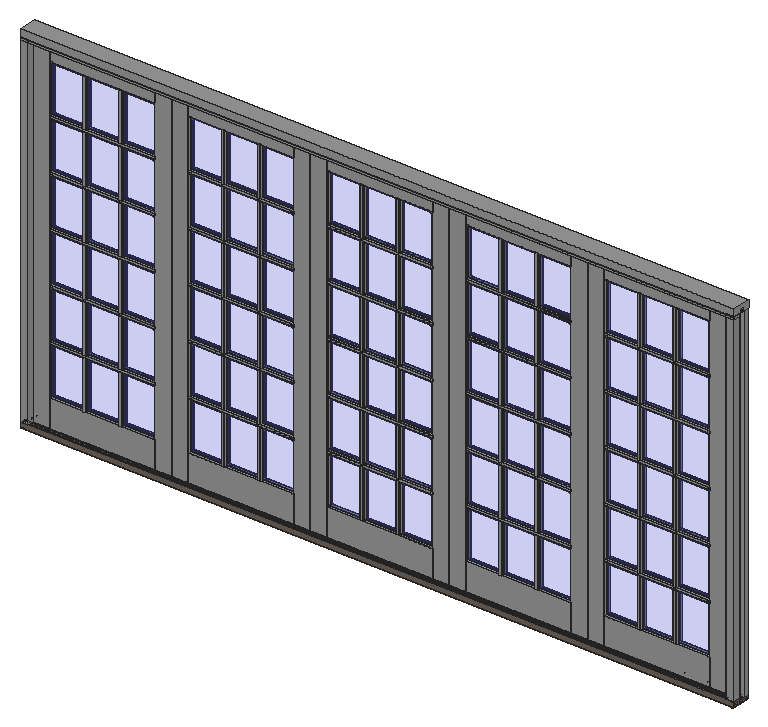
Revit family "VSFA 4190 SP RH", category Doors, host Wall, Revit 2015
Parameters (values of type "VSFA 4190 SP RH")
  Function = Interior
  Frame Projection Ext. = 25 mm
  Frame Projection Int. = 25 mm
  Frame Width = 75 mm
  Height = 2100 mm
  Wall Closure = By host
  Width = 4190 mm
Reference planes
  plane 1: y = 0
  plane 2 "Center (Left/Right)": x = 0
  plane 3 "Left": x = -2095
  plane 4 "Right": x = 2095
  plane 5: z = 2100
  plane 6 "Exterior": y = 75
  plane 7 "Interior": y = -75
  plane 8: x = 1206
  plane 9: x = -1236
  plane 10: x = 1205
  plane 11: x = 391
  plane 12: x = -422
  plane 13: x = 392
  plane 14: x = -423
  plane 15: x = -1237
Forms (mm)
  Extrusion 1, solid, material "Aluminium Cill (Bronze)"
    sketch origin (0, 79.18, -119.746) x (0, 1, 0) y (0, 0, -1)
      loop
        arc (-26.68, -120.746) -> (-26.972, -120.039) -> (-27.68, -119.746) r 1
        line (-27.68, -119.746) -> (-130.68, -119.746)
        arc (-130.68, -119.746) -> (-131.387, -120.039) -> (-131.68, -120.746) r 1
        line (-131.68, -120.746) -> (-131.68, -150.746)
        arc (-131.68, -150.746) -> (-131.387, -151.453) -> (-130.68, -151.746) r 1
        line (-130.68, -151.746) -> (-120.912, -151.746)
        arc (-120.912, -151.746) -> (-119.18, -150.746) -> (-117.447, -151.746) r 2
        line (-117.447, -151.746) -> (-112.912, -151.746)
        arc (-112.912, -151.746) -> (-111.18, -150.746) -> (-109.447, -151.746) r 2
        line (-109.447, -151.746) -> (-99.68, -151.746)
        arc (-99.68, -151.746) -> (-98.972, -151.453) -> (-98.68, -150.746) r 1
        line (-98.68, -150.746) -> (-98.68, -149.246)
        arc (-98.68, -149.246) -> (-99.18, -148.746) -> (-99.68, -149.246) r 0.5
        line (-99.68, -149.246) -> (-99.68, -150.246) -> (-100.88, -150.246) -> (-100.88, -142.734) -> (-99.68, -142.734) -> (-99.68, -143.746)
        arc (-99.68, -143.746) -> (-99.18, -144.246) -> (-98.68, -143.746) r 0.5
        line (-98.68, -143.746) -> (-98.68, -138.746) -> (-90.432, -138.746) -> (-82.18, -138.746) -> (-82.18, -135.246)
        arc (-82.18, -135.246) -> (-81.74, -134.185) -> (-80.68, -133.746) r 1.5
        line (-80.68, -133.746) -> (-75.93, -133.746) -> (-75.93, -135.746) -> (-77.363, -135.746)
        arc (-77.363, -135.746) -> (-74.68, -138.746) -> (-71.996, -135.746) r 2.7
        line (-71.996, -135.746) -> (-73.43, -135.746) -> (-73.43, -133.746) -> (-68.68, -133.746)
        arc (-68.68, -133.746) -> (-67.619, -134.185) -> (-67.18, -135.246) r 1.5
        line (-67.18, -135.246) -> (-67.18, -138.746) -> (-60.412, -138.746)
        arc (-60.412, -138.746) -> (-58.68, -137.746) -> (-56.947, -138.746) r 2
        line (-56.947, -138.746) -> (-52.412, -138.746)
        arc (-52.412, -138.746) -> (-50.68, -137.746) -> (-48.947, -138.746) r 2
        line (-48.947, -138.746) -> (-44.412, -138.746)
        arc (-44.412, -138.746) -> (-42.68, -137.746) -> (-40.947, -138.746) r 2
        line (-40.947, -138.746) -> (-29.68, -138.746)
        arc (-29.68, -138.746) -> (-27.558, -137.867) -> (-26.68, -135.746) r 3
        line (-26.68, -135.746) -> (-26.68, -120.746)
      loop
        arc (-29.68, -137.246) -> (-28.619, -136.807) -> (-28.18, -135.746) r 1.5
        line (-28.18, -135.746) -> (-28.18, -121.246) -> (-73.93, -121.246) -> (-73.93, -132.246) -> (-68.68, -132.246)
        arc (-68.68, -132.246) -> (-66.558, -133.125) -> (-65.68, -135.246) r 3
        line (-65.68, -135.246) -> (-65.68, -137.246) -> (-61.129, -137.246)
        arc (-61.129, -137.246) -> (-58.68, -136.246) -> (-56.23, -137.246) r 3.5
        line (-56.23, -137.246) -> (-53.129, -137.246)
        arc (-53.129, -137.246) -> (-50.68, -136.246) -> (-48.23, -137.246) r 3.5
        line (-48.23, -137.246) -> (-45.129, -137.246)
        arc (-45.129, -137.246) -> (-42.68, -136.246) -> (-40.23, -137.246) r 3.5
        line (-40.23, -137.246) -> (-29.68, -137.246)
      loop
        line (-75.43, -132.246) -> (-75.43, -121.246) -> (-98.68, -121.246) -> (-98.68, -137.246) -> (-83.68, -137.246) -> (-83.68, -135.246)
        arc (-83.68, -135.246) -> (-82.801, -133.125) -> (-80.68, -132.246) r 3
        line (-80.68, -132.246) -> (-75.43, -132.246)
      loop
        line (-100.18, -121.246) -> (-130.18, -121.246) -> (-130.18, -150.246) -> (-121.629, -150.246)
        arc (-121.629, -150.246) -> (-119.18, -149.246) -> (-116.73, -150.246) r 3.5
        line (-116.73, -150.246) -> (-113.629, -150.246)
        arc (-113.629, -150.246) -> (-111.18, -149.246) -> (-108.73, -150.246) r 3.5
        line (-108.73, -150.246) -> (-102.38, -150.246) -> (-102.38, -141.246) -> (-100.18, -141.246) -> (-100.18, -121.246)
    from -2095 to 2095
  Extrusion 2, solid, material "Lauan, Meranti"
    sketch origin (-122.148, 0, 0) x (0, 1, 0) y (0, 0, 1)
      loop
        line (52.5, 2100) -> (-52.5, 2100) -> (-52.5, 2055) -> (-6.5, 2055) -> (-6.5, 2075) -> (15.5, 2075) -> (15.5, 2055) -> (52.5, 2055) -> (52.5, 2100)
    from -1972.852 to 2217.148
  Extrusion 3, solid, material "Lauan, Meranti"
    sketch origin (2.986, 0, 0) x (0, 1, 0) y (0, 0, 1)
      loop
        line (-52.5, 2052) -> (-52.5, 2042) -> (-20.5, 2042) -> (-20.5, 2045.5) -> (-27.5, 2045.5) -> (-27.5, 2048.5) -> (-20.5, 2048.5) -> (-20.5, 2055) -> (-49.5, 2055) -> (-49.5, 2052) -> (-52.5, 2052)
    from -2097.986 to 2092.014
  Extrusion 4, solid, material "Steel, Chrome Plated"
    sketch origin (129.456, -1.5, 0) x (0, 1, 0) y (0, 0, -1)
      loop
        line (16.5, -2075) -> (16.5, -2055) -> (14.3, -2055) -> (14.3, -2072.8) -> (-2.3, -2072.8) -> (-2.3, -2055) -> (-4.5, -2055) -> (-4.5, -2075) -> (16.5, -2075)
    from -1965.544 to 2224.456
  Extrusion 5, solid, material "Lauan, Meranti"
    sketch origin (-1430, 0, 0) x (1, 0, 0) y (0, 1, 0)
      loop
        line (-665, 52.5) -> (-665, -52.5) -> (-620, -52.5) -> (-620, 24.5) -> (-632, 24.5) -> (-632, 52.5) -> (-665, 52.5)
    from 32 to 2055
  Extrusion 6, solid, material "Lauan, Meranti"
    sketch origin (-1430, 0, 0) x (1, 0, 0) y (0, 1, 0)
      loop
        line (-665, 52.5) -> (-665, -19.5) -> (-620, -19.5) -> (-620, 24.5) -> (-632, 24.5) -> (-632, 52.5) -> (-665, 52.5)
    from 19 to 32
  Extrusion 7, solid, material "Lauan, Meranti"
    sketch origin (1430, 0, 0) x (1, 0, 0) y (0, 1, 0)
      loop
        line (665, -52.5) -> (665, -16.5) -> (620, -16.5) -> (620, -52.5) -> (665, -52.5)
      loop
        line (665, 52.5) -> (620, 52.5) -> (620, 25.5) -> (665, 25.5) -> (665, 52.5)
      loop
        line (590, 24.5) -> (590, -15.5) -> (635, -15.5) -> (635, -5.5) -> (610, -5.5) -> (610, 14.5) -> (635, 14.5) -> (635, 24.5) -> (590, 24.5)
    from 32 to 2055
  Extrusion 8, solid, material "Lauan, Meranti"
    sketch origin (1430, 0, 0) x (1, 0, 0) y (0, 1, 0)
      loop
        line (620, 52.5) -> (620, 25.5) -> (665, 25.5) -> (665, 52.5) -> (620, 52.5)
      loop
        line (635, 24.5) -> (590, 24.5) -> (590, -15.5) -> (635, -15.5) -> (635, -5.5) -> (610, -5.5) -> (610, 14.5) -> (635, 14.5) -> (635, 24.5)
    from 19 to 32
  Extrusion 9, solid, material "Lauan, Meranti"
    sketch origin (711, 0, 0) x (1, 0, 0) y (0, 1, 0)
      loop
        line (-1133, -15.5) -> (-1037, -15.5) -> (-1037, -13.5)
        arc (-1037, -13.5) -> (-1032.265, -11.94) -> (-1030, -7.5) r 6.549
        line (-1030, -7.5) -> (-1028, -7.5) -> (-1028, -5.5) -> (-1037, -5.5) -> (-1037, 24.5) -> (-1133, 24.5) -> (-1133, -15.5)
      loop
        line (-320, -15.5) -> (-320, 24.5) -> (-416, 24.5) -> (-416, -5.5) -> (-425, -5.5) -> (-425, -7.5) -> (-423, -7.5)
        arc (-423, -7.5) -> (-420.735, -11.94) -> (-416, -13.5) r 6.549
        line (-416, -13.5) -> (-416, -15.5) -> (-320, -15.5)
    from 19 to 2055
  Extrusion 10, solid, material "Lauan, Meranti"
    sketch origin (-103, 0, 0) x (1, 0, 0) y (0, 1, 0)
      loop
        line (-1133, -15.5) -> (-1037, -15.5) -> (-1037, -13.5)
        arc (-1037, -13.5) -> (-1032.265, -11.94) -> (-1030, -7.5) r 6.549
        line (-1030, -7.5) -> (-1028, -7.5) -> (-1028, -5.5) -> (-1037, -5.5) -> (-1037, 24.5) -> (-1133, 24.5) -> (-1133, -15.5)
      loop
        line (-320, -15.5) -> (-320, 24.5) -> (-416, 24.5) -> (-416, -5.5) -> (-425, -5.5) -> (-425, -7.5) -> (-423, -7.5)
        arc (-423, -7.5) -> (-420.735, -11.94) -> (-416, -13.5) r 6.549
        line (-416, -13.5) -> (-416, -15.5) -> (-320, -15.5)
    from 19 to 2055
  Extrusion 11, solid, material "Lauan, Meranti"
    sketch origin (1525, 0, 0) x (1, 0, 0) y (0, 1, 0)
      loop
        line (-1133, -15.5) -> (-1037, -15.5) -> (-1037, -13.5)
        arc (-1037, -13.5) -> (-1032.265, -11.94) -> (-1030, -7.5) r 6.549
        line (-1030, -7.5) -> (-1028, -7.5) -> (-1028, -5.5) -> (-1037, -5.5) -> (-1037, 24.5) -> (-1133, 24.5) -> (-1133, -15.5)
      loop
        line (-320, -15.5) -> (-320, 24.5) -> (-416, 24.5) -> (-416, -5.5) -> (-425, -5.5) -> (-425, -7.5) -> (-423, -7.5)
        arc (-423, -7.5) -> (-420.735, -11.94) -> (-416, -13.5) r 6.549
        line (-416, -13.5) -> (-416, -15.5) -> (-320, -15.5)
    from 19 to 2055
  Extrusion 12, solid, material "Lauan, Meranti"
    sketch origin (2339, 0, 0) x (1, 0, 0) y (0, 1, 0)
      loop
        line (-1133, -15.5) -> (-1037, -15.5) -> (-1037, -13.5)
        arc (-1037, -13.5) -> (-1032.265, -11.94) -> (-1030, -7.5) r 6.549
        line (-1030, -7.5) -> (-1028, -7.5) -> (-1028, -5.5) -> (-1037, -5.5) -> (-1037, 24.5) -> (-1133, 24.5) -> (-1133, -15.5)
      loop
        line (-320, -15.5) -> (-320, 24.5) -> (-416, 24.5) -> (-416, -5.5) -> (-425, -5.5) -> (-425, -7.5) -> (-423, -7.5)
        arc (-423, -7.5) -> (-420.735, -11.94) -> (-416, -13.5) r 6.549
        line (-416, -13.5) -> (-416, -15.5) -> (-320, -15.5)
    from 19 to 2055
  Extrusion 13, solid, material "Lauan, Meranti"
    sketch origin (-917, 0, 0) x (1, 0, 0) y (0, 1, 0)
      loop
        line (-1133, -15.5) -> (-1037, -15.5) -> (-1037, -13.5)
        arc (-1037, -13.5) -> (-1032.265, -11.94) -> (-1030, -7.5) r 6.549
        line (-1030, -7.5) -> (-1028, -7.5) -> (-1028, -5.5) -> (-1037, -5.5) -> (-1037, 24.5) -> (-1133, 24.5) -> (-1133, -15.5)
      loop
        line (-320, -15.5) -> (-320, 24.5) -> (-416, 24.5) -> (-416, -5.5) -> (-425, -5.5) -> (-425, -7.5) -> (-423, -7.5)
        arc (-423, -7.5) -> (-420.735, -11.94) -> (-416, -13.5) r 6.549
        line (-416, -13.5) -> (-416, -15.5) -> (-320, -15.5)
    from 19 to 2055
  Extrusion 14, solid, material "Lauan, Meranti"
    sketch origin (1471.235, 0, 0) x (0, 1, 0) y (0, 0, 1)
      loop
        line (-15.5, 190) -> (-15.5, 19) -> (24.5, 19) -> (24.5, 190) -> (-5.5, 190) -> (-5.5, 199) -> (-7.5, 199) -> (-7.5, 197)
        arc (-7.5, 197) -> (-11.866, 194.67) -> (-13.5, 190) r 6.807
        line (-13.5, 190) -> (-15.5, 190)
      loop
        line (-7.5, 1952) -> (-7.5, 1950) -> (-5.5, 1950) -> (-5.5, 1959) -> (24.5, 1959) -> (24.5, 2055) -> (-15.5, 2055) -> (-15.5, 1959) -> (-13.5, 1959)
        arc (-13.5, 1959) -> (-11.866, 1954.33) -> (-7.5, 1952) r 6.807
      loop
        line (-15.5, 1675) -> (-15.5, 1662) -> (-13.5, 1662)
        arc (-13.5, 1662) -> (-11.866, 1657.33) -> (-7.5, 1655) r 6.807
        line (-7.5, 1655) -> (-7.5, 1653) -> (-5.5, 1653) -> (-5.5, 1662) -> (24.5, 1662) -> (24.5, 1675) -> (-5.5, 1675) -> (-5.5, 1684) -> (-7.5, 1684) -> (-7.5, 1682)
        arc (-7.5, 1682) -> (-11.866, 1679.67) -> (-13.5, 1675) r 6.807
        line (-13.5, 1675) -> (-15.5, 1675)
      loop
        line (-15.5, 1378) -> (-15.5, 1365) -> (-13.5, 1365)
        arc (-13.5, 1365) -> (-11.866, 1360.33) -> (-7.5, 1358) r 6.807
        line (-7.5, 1358) -> (-7.5, 1356) -> (-5.5, 1356) -> (-5.5, 1365) -> (24.5, 1365) -> (24.5, 1378) -> (-5.5, 1378) -> (-5.5, 1387) -> (-7.5, 1387) -> (-7.5, 1385)
        arc (-7.5, 1385) -> (-11.866, 1382.67) -> (-13.5, 1378) r 6.807
        line (-13.5, 1378) -> (-15.5, 1378)
      loop
        line (-15.5, 1081) -> (-15.5, 1068) -> (-13.5, 1068)
        arc (-13.5, 1068) -> (-11.866, 1063.33) -> (-7.5, 1061) r 6.807
        line (-7.5, 1061) -> (-7.5, 1059) -> (-5.5, 1059) -> (-5.5, 1068) -> (24.5, 1068) -> (24.5, 1081) -> (-5.5, 1081) -> (-5.5, 1090) -> (-7.5, 1090) -> (-7.5, 1088)
        arc (-7.5, 1088) -> (-11.866, 1085.67) -> (-13.5, 1081) r 6.807
        line (-13.5, 1081) -> (-15.5, 1081)
      loop
        line (-15.5, 784) -> (-15.5, 771) -> (-13.5, 771)
        arc (-13.5, 771) -> (-11.866, 766.33) -> (-7.5, 764) r 6.807
        line (-7.5, 764) -> (-7.5, 762) -> (-5.5, 762) -> (-5.5, 771) -> (24.5, 771) -> (24.5, 784) -> (-5.5, 784) -> (-5.5, 793) -> (-7.5, 793) -> (-7.5, 791)
        arc (-7.5, 791) -> (-11.866, 788.67) -> (-13.5, 784) r 6.807
        line (-13.5, 784) -> (-15.5, 784)
      loop
        line (-15.5, 487) -> (-15.5, 474) -> (-13.5, 474)
        arc (-13.5, 474) -> (-11.866, 469.33) -> (-7.5, 467) r 6.807
        line (-7.5, 467) -> (-7.5, 465) -> (-5.5, 465) -> (-5.5, 474) -> (24.5, 474) -> (24.5, 487) -> (-5.5, 487) -> (-5.5, 496) -> (-7.5, 496) -> (-7.5, 494)
        arc (-7.5, 494) -> (-11.866, 491.67) -> (-13.5, 487) r 6.807
        line (-13.5, 487) -> (-15.5, 487)
    from -169.235 to 451.765
  Extrusion 15, solid, material "Glass"
    sketch origin (1447.808, -110.55, -763.769) x (1, 0, 0) y (0, 0, 1)
      loop
        line (-145.808, 2722.769) -> (-145.808, 2438.757) -> (52.532, 2438.757) -> (52.532, 2722.769) -> (-145.808, 2722.769)
      loop
        line (65.532, 2722.769) -> (65.532, 2438.757) -> (263.872, 2438.757) -> (263.872, 2722.769) -> (65.532, 2722.769)
      loop
        line (276.872, 2722.769) -> (276.872, 2438.757) -> (475.212, 2438.757) -> (475.212, 2722.769) -> (276.872, 2722.769)
      loop
        line (-145.808, 2425.769) -> (-145.808, 2141.757) -> (52.532, 2141.757) -> (52.532, 2425.769) -> (-145.808, 2425.769)
      loop
        line (65.532, 2425.769) -> (65.532, 2141.757) -> (263.872, 2141.757) -> (263.872, 2425.769) -> (65.532, 2425.769)
      loop
        line (276.872, 2425.769) -> (276.872, 2141.757) -> (475.212, 2141.757) -> (475.212, 2425.769) -> (276.872, 2425.769)
      loop
        line (-145.808, 2128.769) -> (-145.808, 1844.757) -> (52.532, 1844.757) -> (52.532, 2128.769) -> (-145.808, 2128.769)
      loop
        line (65.532, 2128.769) -> (65.532, 1844.757) -> (263.872, 1844.757) -> (263.872, 2128.769) -> (65.532, 2128.769)
      loop
        line (276.872, 2128.769) -> (276.872, 1844.757) -> (475.212, 1844.757) -> (475.212, 2128.769) -> (276.872, 2128.769)
      loop
        line (-145.808, 1831.769) -> (-145.808, 1547.757) -> (52.532, 1547.757) -> (52.532, 1831.769) -> (-145.808, 1831.769)
      loop
        line (65.532, 1831.769) -> (65.532, 1547.757) -> (263.872, 1547.757) -> (263.872, 1831.769) -> (65.532, 1831.769)
      loop
        line (276.872, 1831.769) -> (276.872, 1547.757) -> (475.212, 1547.757) -> (475.212, 1831.769) -> (276.872, 1831.769)
      loop
        line (-145.808, 1534.769) -> (-145.808, 1250.757) -> (52.532, 1250.757) -> (52.532, 1534.769) -> (-145.808, 1534.769)
      loop
        line (65.532, 1534.769) -> (65.532, 1250.757) -> (263.872, 1250.757) -> (263.872, 1534.769) -> (65.532, 1534.769)
      loop
        line (276.872, 1534.769) -> (276.872, 1250.757) -> (475.212, 1250.757) -> (475.212, 1534.769) -> (276.872, 1534.769)
      loop
        line (-145.808, 1237.769) -> (-145.808, 953.757) -> (52.532, 953.757) -> (52.532, 1237.769) -> (-145.808, 1237.769)
      loop
        line (65.532, 1237.769) -> (65.532, 953.757) -> (263.872, 953.757) -> (263.872, 1237.769) -> (65.532, 1237.769)
      loop
        line (276.872, 1237.769) -> (276.872, 953.757) -> (475.212, 953.757) -> (475.212, 1237.769) -> (276.872, 1237.769)
    from -112.5 to -106.1
  Extrusion 16, solid, material "Lauan, Meranti"
    sketch origin (916, 0, 1484.988) x (1, 0, 0) y (0, 1, 0)
      loop
        line (597.34, -15.5) -> (597.34, -13.5)
        arc (597.34, -13.5) -> (602.01, -11.866) -> (604.34, -7.5) r 6.807
        line (604.34, -7.5) -> (606.34, -7.5) -> (606.34, -5.5) -> (597.34, -5.5) -> (597.34, 24.5) -> (584.34, 24.5) -> (584.34, -5.5) -> (575.34, -5.5) -> (575.34, -7.5) -> (577.34, -7.5)
        arc (577.34, -7.5) -> (579.67, -11.866) -> (584.34, -13.5) r 6.807
        line (584.34, -13.5) -> (584.34, -15.5) -> (597.34, -15.5)
      loop
        line (808.68, -15.5) -> (808.68, -13.5)
        arc (808.68, -13.5) -> (813.35, -11.866) -> (815.68, -7.5) r 6.807
        line (815.68, -7.5) -> (817.68, -7.5) -> (817.68, -5.5) -> (808.68, -5.5) -> (808.68, 24.5) -> (795.68, 24.5) -> (795.68, -5.5) -> (786.68, -5.5) -> (786.68, -7.5) -> (788.68, -7.5)
        arc (788.68, -7.5) -> (791.01, -11.866) -> (795.68, -13.5) r 6.807
        line (795.68, -13.5) -> (795.68, -15.5) -> (808.68, -15.5)
    from 190 to 474
  Sweep 17, solid, material "Lauan, Meranti"
    path origin (963.388, -75, 232.716) x (1, 0, 0) y (0, 0, 1)
      loop
        line (338.612, 1726.284) -> (338.612, 1442.272) -> (536.952, 1442.272) -> (536.952, 1726.284) -> (338.612, 1726.284)
    profile origin (1401.17, -75, 1959) x (0, 0, 1) y (0, -1, 0)
      loop
        line (-9, -78) -> (-9, -80) -> (-7, -80)
        arc (-7, -80) -> (-4.67, -84.366) -> (0, -86) r 6.807
        line (0, -86) -> (0, -78) -> (-9, -78)
  Sweep 18, solid, material "Lauan, Meranti"
    path origin (1174.728, -75, 232.716) x (1, 0, 0) y (0, 0, 1)
      loop
        line (338.612, 1726.284) -> (338.612, 1442.272) -> (536.952, 1442.272) -> (536.952, 1726.284) -> (338.612, 1726.284)
    profile origin (1612.51, -75, 1959) x (0, 0, 1) y (0, -1, 0)
      loop
        line (-9, -78) -> (-9, -80) -> (-7, -80)
        arc (-7, -80) -> (-4.67, -84.366) -> (0, -86) r 6.807
        line (0, -86) -> (0, -78) -> (-9, -78)
  Sweep 19, solid, material "Lauan, Meranti"
    path origin (1386.068, -75, 232.716) x (1, 0, 0) y (0, 0, 1)
      loop
        line (338.612, 1726.284) -> (338.612, 1442.272) -> (536.952, 1442.272) -> (536.952, 1726.284) -> (338.612, 1726.284)
    profile origin (1823.85, -75, 1959) x (0, 0, 1) y (0, -1, 0)
      loop
        line (-9, -78) -> (-9, -80) -> (-7, -80)
        arc (-7, -80) -> (-4.67, -84.366) -> (0, -86) r 6.807
        line (0, -86) -> (0, -78) -> (-9, -78)
  Extrusion 20, solid, material "Lauan, Meranti"
    sketch origin (916, 0, 1187.988) x (1, 0, 0) y (0, 1, 0)
      loop
        line (597.34, -15.5) -> (597.34, -13.5)
        arc (597.34, -13.5) -> (602.01, -11.866) -> (604.34, -7.5) r 6.807
        line (604.34, -7.5) -> (606.34, -7.5) -> (606.34, -5.5) -> (597.34, -5.5) -> (597.34, 24.5) -> (584.34, 24.5) -> (584.34, -5.5) -> (575.34, -5.5) -> (575.34, -7.5) -> (577.34, -7.5)
        arc (577.34, -7.5) -> (579.67, -11.866) -> (584.34, -13.5) r 6.807
        line (584.34, -13.5) -> (584.34, -15.5) -> (597.34, -15.5)
      loop
        line (808.68, -15.5) -> (808.68, -13.5)
        arc (808.68, -13.5) -> (813.35, -11.866) -> (815.68, -7.5) r 6.807
        line (815.68, -7.5) -> (817.68, -7.5) -> (817.68, -5.5) -> (808.68, -5.5) -> (808.68, 24.5) -> (795.68, 24.5) -> (795.68, -5.5) -> (786.68, -5.5) -> (786.68, -7.5) -> (788.68, -7.5)
        arc (788.68, -7.5) -> (791.01, -11.866) -> (795.68, -13.5) r 6.807
        line (795.68, -13.5) -> (795.68, -15.5) -> (808.68, -15.5)
    from 190 to 474
  Sweep 21, solid, material "Lauan, Meranti"
    path origin (963.388, -75, -64.284) x (1, 0, 0) y (0, 0, 1)
      loop
        line (338.612, 1726.284) -> (338.612, 1442.272) -> (536.952, 1442.272) -> (536.952, 1726.284) -> (338.612, 1726.284)
    profile origin (1401.17, -75, 1662) x (0, 0, 1) y (0, -1, 0)
      loop
        line (-9, -78) -> (-9, -80) -> (-7, -80)
        arc (-7, -80) -> (-4.67, -84.366) -> (0, -86) r 6.807
        line (0, -86) -> (0, -78) -> (-9, -78)
  Sweep 22, solid, material "Lauan, Meranti"
    path origin (1174.728, -75, -64.284) x (1, 0, 0) y (0, 0, 1)
      loop
        line (338.612, 1726.284) -> (338.612, 1442.272) -> (536.952, 1442.272) -> (536.952, 1726.284) -> (338.612, 1726.284)
    profile origin (1612.51, -75, 1662) x (0, 0, 1) y (0, -1, 0)
      loop
        line (-9, -78) -> (-9, -80) -> (-7, -80)
        arc (-7, -80) -> (-4.67, -84.366) -> (0, -86) r 6.807
        line (0, -86) -> (0, -78) -> (-9, -78)
  Sweep 23, solid, material "Lauan, Meranti"
    path origin (1386.068, -75, -64.284) x (1, 0, 0) y (0, 0, 1)
      loop
        line (338.612, 1726.284) -> (338.612, 1442.272) -> (536.952, 1442.272) -> (536.952, 1726.284) -> (338.612, 1726.284)
    profile origin (1823.85, -75, 1662) x (0, 0, 1) y (0, -1, 0)
      loop
        line (-9, -78) -> (-9, -80) -> (-7, -80)
        arc (-7, -80) -> (-4.67, -84.366) -> (0, -86) r 6.807
        line (0, -86) -> (0, -78) -> (-9, -78)
  Extrusion 24, solid, material "Lauan, Meranti"
    sketch origin (916, 0, 890.988) x (1, 0, 0) y (0, 1, 0)
      loop
        line (597.34, -15.5) -> (597.34, -13.5)
        arc (597.34, -13.5) -> (602.01, -11.866) -> (604.34, -7.5) r 6.807
        line (604.34, -7.5) -> (606.34, -7.5) -> (606.34, -5.5) -> (597.34, -5.5) -> (597.34, 24.5) -> (584.34, 24.5) -> (584.34, -5.5) -> (575.34, -5.5) -> (575.34, -7.5) -> (577.34, -7.5)
        arc (577.34, -7.5) -> (579.67, -11.866) -> (584.34, -13.5) r 6.807
        line (584.34, -13.5) -> (584.34, -15.5) -> (597.34, -15.5)
      loop
        line (808.68, -15.5) -> (808.68, -13.5)
        arc (808.68, -13.5) -> (813.35, -11.866) -> (815.68, -7.5) r 6.807
        line (815.68, -7.5) -> (817.68, -7.5) -> (817.68, -5.5) -> (808.68, -5.5) -> (808.68, 24.5) -> (795.68, 24.5) -> (795.68, -5.5) -> (786.68, -5.5) -> (786.68, -7.5) -> (788.68, -7.5)
        arc (788.68, -7.5) -> (791.01, -11.866) -> (795.68, -13.5) r 6.807
        line (795.68, -13.5) -> (795.68, -15.5) -> (808.68, -15.5)
    from 190 to 474
  Sweep 25, solid, material "Lauan, Meranti"
    path origin (963.388, -75, -361.284) x (1, 0, 0) y (0, 0, 1)
      loop
        line (338.612, 1726.284) -> (338.612, 1442.272) -> (536.952, 1442.272) -> (536.952, 1726.284) -> (338.612, 1726.284)
    profile origin (1401.17, -75, 1365) x (0, 0, 1) y (0, -1, 0)
      loop
        line (-9, -78) -> (-9, -80) -> (-7, -80)
        arc (-7, -80) -> (-4.67, -84.366) -> (0, -86) r 6.807
        line (0, -86) -> (0, -78) -> (-9, -78)
  Sweep 26, solid, material "Lauan, Meranti"
    path origin (1174.728, -75, -361.284) x (1, 0, 0) y (0, 0, 1)
      loop
        line (338.612, 1726.284) -> (338.612, 1442.272) -> (536.952, 1442.272) -> (536.952, 1726.284) -> (338.612, 1726.284)
    profile origin (1612.51, -75, 1365) x (0, 0, 1) y (0, -1, 0)
      loop
        line (-9, -78) -> (-9, -80) -> (-7, -80)
        arc (-7, -80) -> (-4.67, -84.366) -> (0, -86) r 6.807
        line (0, -86) -> (0, -78) -> (-9, -78)
  Sweep 27, solid, material "Lauan, Meranti"
    path origin (1386.068, -75, -361.284) x (1, 0, 0) y (0, 0, 1)
      loop
        line (338.612, 1726.284) -> (338.612, 1442.272) -> (536.952, 1442.272) -> (536.952, 1726.284) -> (338.612, 1726.284)
    profile origin (1823.85, -75, 1365) x (0, 0, 1) y (0, -1, 0)
      loop
        line (-9, -78) -> (-9, -80) -> (-7, -80)
        arc (-7, -80) -> (-4.67, -84.366) -> (0, -86) r 6.807
        line (0, -86) -> (0, -78) -> (-9, -78)
  Extrusion 28, solid, material "Lauan, Meranti"
    sketch origin (916, 0, 593.988) x (1, 0, 0) y (0, 1, 0)
      loop
        line (597.34, -15.5) -> (597.34, -13.5)
        arc (597.34, -13.5) -> (602.01, -11.866) -> (604.34, -7.5) r 6.807
        line (604.34, -7.5) -> (606.34, -7.5) -> (606.34, -5.5) -> (597.34, -5.5) -> (597.34, 24.5) -> (584.34, 24.5) -> (584.34, -5.5) -> (575.34, -5.5) -> (575.34, -7.5) -> (577.34, -7.5)
        arc (577.34, -7.5) -> (579.67, -11.866) -> (584.34, -13.5) r 6.807
        line (584.34, -13.5) -> (584.34, -15.5) -> (597.34, -15.5)
      loop
        line (808.68, -15.5) -> (808.68, -13.5)
        arc (808.68, -13.5) -> (813.35, -11.866) -> (815.68, -7.5) r 6.807
        line (815.68, -7.5) -> (817.68, -7.5) -> (817.68, -5.5) -> (808.68, -5.5) -> (808.68, 24.5) -> (795.68, 24.5) -> (795.68, -5.5) -> (786.68, -5.5) -> (786.68, -7.5) -> (788.68, -7.5)
        arc (788.68, -7.5) -> (791.01, -11.866) -> (795.68, -13.5) r 6.807
        line (795.68, -13.5) -> (795.68, -15.5) -> (808.68, -15.5)
    from 190 to 474
  Sweep 29, solid, material "Lauan, Meranti"
    path origin (963.388, -75, -658.284) x (1, 0, 0) y (0, 0, 1)
      loop
        line (338.612, 1726.284) -> (338.612, 1442.272) -> (536.952, 1442.272) -> (536.952, 1726.284) -> (338.612, 1726.284)
    profile origin (1401.17, -75, 1068) x (0, 0, 1) y (0, -1, 0)
      loop
        line (-9, -78) -> (-9, -80) -> (-7, -80)
        arc (-7, -80) -> (-4.67, -84.366) -> (0, -86) r 6.807
        line (0, -86) -> (0, -78) -> (-9, -78)
  Sweep 30, solid, material "Lauan, Meranti"
    path origin (1174.728, -75, -658.284) x (1, 0, 0) y (0, 0, 1)
      loop
        line (338.612, 1726.284) -> (338.612, 1442.272) -> (536.952, 1442.272) -> (536.952, 1726.284) -> (338.612, 1726.284)
    profile origin (1612.51, -75, 1068) x (0, 0, 1) y (0, -1, 0)
      loop
        line (-9, -78) -> (-9, -80) -> (-7, -80)
        arc (-7, -80) -> (-4.67, -84.366) -> (0, -86) r 6.807
        line (0, -86) -> (0, -78) -> (-9, -78)
  Sweep 31, solid, material "Lauan, Meranti"
    path origin (1386.068, -75, -658.284) x (1, 0, 0) y (0, 0, 1)
      loop
        line (338.612, 1726.284) -> (338.612, 1442.272) -> (536.952, 1442.272) -> (536.952, 1726.284) -> (338.612, 1726.284)
    profile origin (1823.85, -75, 1068) x (0, 0, 1) y (0, -1, 0)
      loop
        line (-9, -78) -> (-9, -80) -> (-7, -80)
        arc (-7, -80) -> (-4.67, -84.366) -> (0, -86) r 6.807
        line (0, -86) -> (0, -78) -> (-9, -78)
  Extrusion 32, solid, material "Lauan, Meranti"
    sketch origin (916, 0, 296.988) x (1, 0, 0) y (0, 1, 0)
      loop
        line (597.34, -15.5) -> (597.34, -13.5)
        arc (597.34, -13.5) -> (602.01, -11.866) -> (604.34, -7.5) r 6.807
        line (604.34, -7.5) -> (606.34, -7.5) -> (606.34, -5.5) -> (597.34, -5.5) -> (597.34, 24.5) -> (584.34, 24.5) -> (584.34, -5.5) -> (575.34, -5.5) -> (575.34, -7.5) -> (577.34, -7.5)
        arc (577.34, -7.5) -> (579.67, -11.866) -> (584.34, -13.5) r 6.807
        line (584.34, -13.5) -> (584.34, -15.5) -> (597.34, -15.5)
      loop
        line (808.68, -15.5) -> (808.68, -13.5)
        arc (808.68, -13.5) -> (813.35, -11.866) -> (815.68, -7.5) r 6.807
        line (815.68, -7.5) -> (817.68, -7.5) -> (817.68, -5.5) -> (808.68, -5.5) -> (808.68, 24.5) -> (795.68, 24.5) -> (795.68, -5.5) -> (786.68, -5.5) -> (786.68, -7.5) -> (788.68, -7.5)
        arc (788.68, -7.5) -> (791.01, -11.866) -> (795.68, -13.5) r 6.807
        line (795.68, -13.5) -> (795.68, -15.5) -> (808.68, -15.5)
    from 190 to 474
  Sweep 33, solid, material "Lauan, Meranti"
    path origin (963.388, -75, -955.284) x (1, 0, 0) y (0, 0, 1)
      loop
        line (338.612, 1726.284) -> (338.612, 1442.272) -> (536.952, 1442.272) -> (536.952, 1726.284) -> (338.612, 1726.284)
    profile origin (1401.17, -75, 771) x (0, 0, 1) y (0, -1, 0)
      loop
        line (-9, -78) -> (-9, -80) -> (-7, -80)
        arc (-7, -80) -> (-4.67, -84.366) -> (0, -86) r 6.807
        line (0, -86) -> (0, -78) -> (-9, -78)
  Sweep 34, solid, material "Lauan, Meranti"
    path origin (1174.728, -75, -955.284) x (1, 0, 0) y (0, 0, 1)
      loop
        line (338.612, 1726.284) -> (338.612, 1442.272) -> (536.952, 1442.272) -> (536.952, 1726.284) -> (338.612, 1726.284)
    profile origin (1612.51, -75, 771) x (0, 0, 1) y (0, -1, 0)
      loop
        line (-9, -78) -> (-9, -80) -> (-7, -80)
        arc (-7, -80) -> (-4.67, -84.366) -> (0, -86) r 6.807
        line (0, -86) -> (0, -78) -> (-9, -78)
  Sweep 35, solid, material "Lauan, Meranti"
    path origin (1386.068, -75, -955.284) x (1, 0, 0) y (0, 0, 1)
      loop
        line (338.612, 1726.284) -> (338.612, 1442.272) -> (536.952, 1442.272) -> (536.952, 1726.284) -> (338.612, 1726.284)
    profile origin (1823.85, -75, 771) x (0, 0, 1) y (0, -1, 0)
      loop
        line (-9, -78) -> (-9, -80) -> (-7, -80)
        arc (-7, -80) -> (-4.67, -84.366) -> (0, -86) r 6.807
        line (0, -86) -> (0, -78) -> (-9, -78)
  Extrusion 36, solid, material "Lauan, Meranti"
    sketch origin (657.235, 0, 0) x (0, 1, 0) y (0, 0, 1)
      loop
        line (-15.5, 190) -> (-15.5, 19) -> (24.5, 19) -> (24.5, 190) -> (-5.5, 190) -> (-5.5, 199) -> (-7.5, 199) -> (-7.5, 197)
        arc (-7.5, 197) -> (-11.866, 194.67) -> (-13.5, 190) r 6.807
        line (-13.5, 190) -> (-15.5, 190)
      loop
        line (-7.5, 1952) -> (-7.5, 1950) -> (-5.5, 1950) -> (-5.5, 1959) -> (24.5, 1959) -> (24.5, 2055) -> (-15.5, 2055) -> (-15.5, 1959) -> (-13.5, 1959)
        arc (-13.5, 1959) -> (-11.866, 1954.33) -> (-7.5, 1952) r 6.807
      loop
        line (-15.5, 1675) -> (-15.5, 1662) -> (-13.5, 1662)
        arc (-13.5, 1662) -> (-11.866, 1657.33) -> (-7.5, 1655) r 6.807
        line (-7.5, 1655) -> (-7.5, 1653) -> (-5.5, 1653) -> (-5.5, 1662) -> (24.5, 1662) -> (24.5, 1675) -> (-5.5, 1675) -> (-5.5, 1684) -> (-7.5, 1684) -> (-7.5, 1682)
        arc (-7.5, 1682) -> (-11.866, 1679.67) -> (-13.5, 1675) r 6.807
        line (-13.5, 1675) -> (-15.5, 1675)
      loop
        line (-15.5, 1378) -> (-15.5, 1365) -> (-13.5, 1365)
        arc (-13.5, 1365) -> (-11.866, 1360.33) -> (-7.5, 1358) r 6.807
        line (-7.5, 1358) -> (-7.5, 1356) -> (-5.5, 1356) -> (-5.5, 1365) -> (24.5, 1365) -> (24.5, 1378) -> (-5.5, 1378) -> (-5.5, 1387) -> (-7.5, 1387) -> (-7.5, 1385)
        arc (-7.5, 1385) -> (-11.866, 1382.67) -> (-13.5, 1378) r 6.807
        line (-13.5, 1378) -> (-15.5, 1378)
      loop
        line (-15.5, 1081) -> (-15.5, 1068) -> (-13.5, 1068)
        arc (-13.5, 1068) -> (-11.866, 1063.33) -> (-7.5, 1061) r 6.807
        line (-7.5, 1061) -> (-7.5, 1059) -> (-5.5, 1059) -> (-5.5, 1068) -> (24.5, 1068) -> (24.5, 1081) -> (-5.5, 1081) -> (-5.5, 1090) -> (-7.5, 1090) -> (-7.5, 1088)
        arc (-7.5, 1088) -> (-11.866, 1085.67) -> (-13.5, 1081) r 6.807
        line (-13.5, 1081) -> (-15.5, 1081)
      loop
        line (-15.5, 784) -> (-15.5, 771) -> (-13.5, 771)
        arc (-13.5, 771) -> (-11.866, 766.33) -> (-7.5, 764) r 6.807
        line (-7.5, 764) -> (-7.5, 762) -> (-5.5, 762) -> (-5.5, 771) -> (24.5, 771) -> (24.5, 784) -> (-5.5, 784) -> (-5.5, 793) -> (-7.5, 793) -> (-7.5, 791)
        arc (-7.5, 791) -> (-11.866, 788.67) -> (-13.5, 784) r 6.807
        line (-13.5, 784) -> (-15.5, 784)
      loop
        line (-15.5, 487) -> (-15.5, 474) -> (-13.5, 474)
        arc (-13.5, 474) -> (-11.866, 469.33) -> (-7.5, 467) r 6.807
        line (-7.5, 467) -> (-7.5, 465) -> (-5.5, 465) -> (-5.5, 474) -> (24.5, 474) -> (24.5, 487) -> (-5.5, 487) -> (-5.5, 496) -> (-7.5, 496) -> (-7.5, 494)
        arc (-7.5, 494) -> (-11.866, 491.67) -> (-13.5, 487) r 6.807
        line (-13.5, 487) -> (-15.5, 487)
    from -169.235 to 451.765
  Extrusion 37, solid, material "Glass"
    sketch origin (633.808, -110.55, -763.769) x (1, 0, 0) y (0, 0, 1)
      loop
        line (-145.808, 2722.769) -> (-145.808, 2438.757) -> (52.532, 2438.757) -> (52.532, 2722.769) -> (-145.808, 2722.769)
      loop
        line (65.532, 2722.769) -> (65.532, 2438.757) -> (263.872, 2438.757) -> (263.872, 2722.769) -> (65.532, 2722.769)
      loop
        line (276.872, 2722.769) -> (276.872, 2438.757) -> (475.212, 2438.757) -> (475.212, 2722.769) -> (276.872, 2722.769)
      loop
        line (-145.808, 2425.769) -> (-145.808, 2141.757) -> (52.532, 2141.757) -> (52.532, 2425.769) -> (-145.808, 2425.769)
      loop
        line (65.532, 2425.769) -> (65.532, 2141.757) -> (263.872, 2141.757) -> (263.872, 2425.769) -> (65.532, 2425.769)
      loop
        line (276.872, 2425.769) -> (276.872, 2141.757) -> (475.212, 2141.757) -> (475.212, 2425.769) -> (276.872, 2425.769)
      loop
        line (-145.808, 2128.769) -> (-145.808, 1844.757) -> (52.532, 1844.757) -> (52.532, 2128.769) -> (-145.808, 2128.769)
      loop
        line (65.532, 2128.769) -> (65.532, 1844.757) -> (263.872, 1844.757) -> (263.872, 2128.769) -> (65.532, 2128.769)
      loop
        line (276.872, 2128.769) -> (276.872, 1844.757) -> (475.212, 1844.757) -> (475.212, 2128.769) -> (276.872, 2128.769)
      loop
        line (-145.808, 1831.769) -> (-145.808, 1547.757) -> (52.532, 1547.757) -> (52.532, 1831.769) -> (-145.808, 1831.769)
      loop
        line (65.532, 1831.769) -> (65.532, 1547.757) -> (263.872, 1547.757) -> (263.872, 1831.769) -> (65.532, 1831.769)
      loop
        line (276.872, 1831.769) -> (276.872, 1547.757) -> (475.212, 1547.757) -> (475.212, 1831.769) -> (276.872, 1831.769)
      loop
        line (-145.808, 1534.769) -> (-145.808, 1250.757) -> (52.532, 1250.757) -> (52.532, 1534.769) -> (-145.808, 1534.769)
      loop
        line (65.532, 1534.769) -> (65.532, 1250.757) -> (263.872, 1250.757) -> (263.872, 1534.769) -> (65.532, 1534.769)
      loop
        line (276.872, 1534.769) -> (276.872, 1250.757) -> (475.212, 1250.757) -> (475.212, 1534.769) -> (276.872, 1534.769)
      loop
        line (-145.808, 1237.769) -> (-145.808, 953.757) -> (52.532, 953.757) -> (52.532, 1237.769) -> (-145.808, 1237.769)
      loop
        line (65.532, 1237.769) -> (65.532, 953.757) -> (263.872, 953.757) -> (263.872, 1237.769) -> (65.532, 1237.769)
      loop
        line (276.872, 1237.769) -> (276.872, 953.757) -> (475.212, 953.757) -> (475.212, 1237.769) -> (276.872, 1237.769)
    from -112.5 to -106.1
  Extrusion 38, solid, material "Lauan, Meranti"
    sketch origin (102, 0, 1484.988) x (1, 0, 0) y (0, 1, 0)
      loop
        line (597.34, -15.5) -> (597.34, -13.5)
        arc (597.34, -13.5) -> (602.01, -11.866) -> (604.34, -7.5) r 6.807
        line (604.34, -7.5) -> (606.34, -7.5) -> (606.34, -5.5) -> (597.34, -5.5) -> (597.34, 24.5) -> (584.34, 24.5) -> (584.34, -5.5) -> (575.34, -5.5) -> (575.34, -7.5) -> (577.34, -7.5)
        arc (577.34, -7.5) -> (579.67, -11.866) -> (584.34, -13.5) r 6.807
        line (584.34, -13.5) -> (584.34, -15.5) -> (597.34, -15.5)
      loop
        line (808.68, -15.5) -> (808.68, -13.5)
        arc (808.68, -13.5) -> (813.35, -11.866) -> (815.68, -7.5) r 6.807
        line (815.68, -7.5) -> (817.68, -7.5) -> (817.68, -5.5) -> (808.68, -5.5) -> (808.68, 24.5) -> (795.68, 24.5) -> (795.68, -5.5) -> (786.68, -5.5) -> (786.68, -7.5) -> (788.68, -7.5)
        arc (788.68, -7.5) -> (791.01, -11.866) -> (795.68, -13.5) r 6.807
        line (795.68, -13.5) -> (795.68, -15.5) -> (808.68, -15.5)
    from 190 to 474
  Sweep 39, solid, material "Lauan, Meranti"
    path origin (149.388, -75, 232.716) x (1, 0, 0) y (0, 0, 1)
      loop
        line (338.612, 1726.284) -> (338.612, 1442.272) -> (536.952, 1442.272) -> (536.952, 1726.284) -> (338.612, 1726.284)
    profile origin (587.17, -75, 1959) x (0, 0, 1) y (0, -1, 0)
      loop
        line (-9, -78) -> (-9, -80) -> (-7, -80)
        arc (-7, -80) -> (-4.67, -84.366) -> (0, -86) r 6.807
        line (0, -86) -> (0, -78) -> (-9, -78)
  Sweep 40, solid, material "Lauan, Meranti"
    path origin (360.728, -75, 232.716) x (1, 0, 0) y (0, 0, 1)
      loop
        line (338.612, 1726.284) -> (338.612, 1442.272) -> (536.952, 1442.272) -> (536.952, 1726.284) -> (338.612, 1726.284)
    profile origin (798.51, -75, 1959) x (0, 0, 1) y (0, -1, 0)
      loop
        line (-9, -78) -> (-9, -80) -> (-7, -80)
        arc (-7, -80) -> (-4.67, -84.366) -> (0, -86) r 6.807
        line (0, -86) -> (0, -78) -> (-9, -78)
  Sweep 41, solid, material "Lauan, Meranti"
    path origin (572.068, -75, 232.716) x (1, 0, 0) y (0, 0, 1)
      loop
        line (338.612, 1726.284) -> (338.612, 1442.272) -> (536.952, 1442.272) -> (536.952, 1726.284) -> (338.612, 1726.284)
    profile origin (1009.85, -75, 1959) x (0, 0, 1) y (0, -1, 0)
      loop
        line (-9, -78) -> (-9, -80) -> (-7, -80)
        arc (-7, -80) -> (-4.67, -84.366) -> (0, -86) r 6.807
        line (0, -86) -> (0, -78) -> (-9, -78)
  Extrusion 42, solid, material "Lauan, Meranti"
    sketch origin (102, 0, 1187.988) x (1, 0, 0) y (0, 1, 0)
      loop
        line (597.34, -15.5) -> (597.34, -13.5)
        arc (597.34, -13.5) -> (602.01, -11.866) -> (604.34, -7.5) r 6.807
        line (604.34, -7.5) -> (606.34, -7.5) -> (606.34, -5.5) -> (597.34, -5.5) -> (597.34, 24.5) -> (584.34, 24.5) -> (584.34, -5.5) -> (575.34, -5.5) -> (575.34, -7.5) -> (577.34, -7.5)
        arc (577.34, -7.5) -> (579.67, -11.866) -> (584.34, -13.5) r 6.807
        line (584.34, -13.5) -> (584.34, -15.5) -> (597.34, -15.5)
      loop
        line (808.68, -15.5) -> (808.68, -13.5)
        arc (808.68, -13.5) -> (813.35, -11.866) -> (815.68, -7.5) r 6.807
        line (815.68, -7.5) -> (817.68, -7.5) -> (817.68, -5.5) -> (808.68, -5.5) -> (808.68, 24.5) -> (795.68, 24.5) -> (795.68, -5.5) -> (786.68, -5.5) -> (786.68, -7.5) -> (788.68, -7.5)
        arc (788.68, -7.5) -> (791.01, -11.866) -> (795.68, -13.5) r 6.807
        line (795.68, -13.5) -> (795.68, -15.5) -> (808.68, -15.5)
    from 190 to 474
  Sweep 43, solid, material "Lauan, Meranti"
    path origin (149.388, -75, -64.284) x (1, 0, 0) y (0, 0, 1)
      loop
        line (338.612, 1726.284) -> (338.612, 1442.272) -> (536.952, 1442.272) -> (536.952, 1726.284) -> (338.612, 1726.284)
    profile origin (587.17, -75, 1662) x (0, 0, 1) y (0, -1, 0)
      loop
        line (-9, -78) -> (-9, -80) -> (-7, -80)
        arc (-7, -80) -> (-4.67, -84.366) -> (0, -86) r 6.807
        line (0, -86) -> (0, -78) -> (-9, -78)
  Sweep 44, solid, material "Lauan, Meranti"
    path origin (360.728, -75, -64.284) x (1, 0, 0) y (0, 0, 1)
      loop
        line (338.612, 1726.284) -> (338.612, 1442.272) -> (536.952, 1442.272) -> (536.952, 1726.284) -> (338.612, 1726.284)
    profile origin (798.51, -75, 1662) x (0, 0, 1) y (0, -1, 0)
      loop
        line (-9, -78) -> (-9, -80) -> (-7, -80)
        arc (-7, -80) -> (-4.67, -84.366) -> (0, -86) r 6.807
        line (0, -86) -> (0, -78) -> (-9, -78)
  Sweep 45, solid, material "Lauan, Meranti"
    path origin (572.068, -75, -64.284) x (1, 0, 0) y (0, 0, 1)
      loop
        line (338.612, 1726.284) -> (338.612, 1442.272) -> (536.952, 1442.272) -> (536.952, 1726.284) -> (338.612, 1726.284)
    profile origin (1009.85, -75, 1662) x (0, 0, 1) y (0, -1, 0)
      loop
        line (-9, -78) -> (-9, -80) -> (-7, -80)
        arc (-7, -80) -> (-4.67, -84.366) -> (0, -86) r 6.807
        line (0, -86) -> (0, -78) -> (-9, -78)
  Extrusion 46, solid, material "Lauan, Meranti"
    sketch origin (102, 0, 890.988) x (1, 0, 0) y (0, 1, 0)
      loop
        line (597.34, -15.5) -> (597.34, -13.5)
        arc (597.34, -13.5) -> (602.01, -11.866) -> (604.34, -7.5) r 6.807
        line (604.34, -7.5) -> (606.34, -7.5) -> (606.34, -5.5) -> (597.34, -5.5) -> (597.34, 24.5) -> (584.34, 24.5) -> (584.34, -5.5) -> (575.34, -5.5) -> (575.34, -7.5) -> (577.34, -7.5)
        arc (577.34, -7.5) -> (579.67, -11.866) -> (584.34, -13.5) r 6.807
        line (584.34, -13.5) -> (584.34, -15.5) -> (597.34, -15.5)
      loop
        line (808.68, -15.5) -> (808.68, -13.5)
        arc (808.68, -13.5) -> (813.35, -11.866) -> (815.68, -7.5) r 6.807
        line (815.68, -7.5) -> (817.68, -7.5) -> (817.68, -5.5) -> (808.68, -5.5) -> (808.68, 24.5) -> (795.68, 24.5) -> (795.68, -5.5) -> (786.68, -5.5) -> (786.68, -7.5) -> (788.68, -7.5)
        arc (788.68, -7.5) -> (791.01, -11.866) -> (795.68, -13.5) r 6.807
        line (795.68, -13.5) -> (795.68, -15.5) -> (808.68, -15.5)
    from 190 to 474
  Sweep 47, solid, material "Lauan, Meranti"
    path origin (149.388, -75, -361.284) x (1, 0, 0) y (0, 0, 1)
      loop
        line (338.612, 1726.284) -> (338.612, 1442.272) -> (536.952, 1442.272) -> (536.952, 1726.284) -> (338.612, 1726.284)
    profile origin (587.17, -75, 1365) x (0, 0, 1) y (0, -1, 0)
      loop
        line (-9, -78) -> (-9, -80) -> (-7, -80)
        arc (-7, -80) -> (-4.67, -84.366) -> (0, -86) r 6.807
        line (0, -86) -> (0, -78) -> (-9, -78)
  Sweep 48, solid, material "Lauan, Meranti"
    path origin (360.728, -75, -361.284) x (1, 0, 0) y (0, 0, 1)
      loop
        line (338.612, 1726.284) -> (338.612, 1442.272) -> (536.952, 1442.272) -> (536.952, 1726.284) -> (338.612, 1726.284)
    profile origin (798.51, -75, 1365) x (0, 0, 1) y (0, -1, 0)
      loop
        line (-9, -78) -> (-9, -80) -> (-7, -80)
        arc (-7, -80) -> (-4.67, -84.366) -> (0, -86) r 6.807
        line (0, -86) -> (0, -78) -> (-9, -78)
  Sweep 49, solid, material "Lauan, Meranti"
    path origin (572.068, -75, -361.284) x (1, 0, 0) y (0, 0, 1)
      loop
        line (338.612, 1726.284) -> (338.612, 1442.272) -> (536.952, 1442.272) -> (536.952, 1726.284) -> (338.612, 1726.284)
    profile origin (1009.85, -75, 1365) x (0, 0, 1) y (0, -1, 0)
      loop
        line (-9, -78) -> (-9, -80) -> (-7, -80)
        arc (-7, -80) -> (-4.67, -84.366) -> (0, -86) r 6.807
        line (0, -86) -> (0, -78) -> (-9, -78)
  Extrusion 50, solid, material "Lauan, Meranti"
    sketch origin (102, 0, 593.988) x (1, 0, 0) y (0, 1, 0)
      loop
        line (597.34, -15.5) -> (597.34, -13.5)
        arc (597.34, -13.5) -> (602.01, -11.866) -> (604.34, -7.5) r 6.807
        line (604.34, -7.5) -> (606.34, -7.5) -> (606.34, -5.5) -> (597.34, -5.5) -> (597.34, 24.5) -> (584.34, 24.5) -> (584.34, -5.5) -> (575.34, -5.5) -> (575.34, -7.5) -> (577.34, -7.5)
        arc (577.34, -7.5) -> (579.67, -11.866) -> (584.34, -13.5) r 6.807
        line (584.34, -13.5) -> (584.34, -15.5) -> (597.34, -15.5)
      loop
        line (808.68, -15.5) -> (808.68, -13.5)
        arc (808.68, -13.5) -> (813.35, -11.866) -> (815.68, -7.5) r 6.807
        line (815.68, -7.5) -> (817.68, -7.5) -> (817.68, -5.5) -> (808.68, -5.5) -> (808.68, 24.5) -> (795.68, 24.5) -> (795.68, -5.5) -> (786.68, -5.5) -> (786.68, -7.5) -> (788.68, -7.5)
        arc (788.68, -7.5) -> (791.01, -11.866) -> (795.68, -13.5) r 6.807
        line (795.68, -13.5) -> (795.68, -15.5) -> (808.68, -15.5)
    from 190 to 474
  Sweep 51, solid, material "Lauan, Meranti"
    path origin (149.388, -75, -658.284) x (1, 0, 0) y (0, 0, 1)
      loop
        line (338.612, 1726.284) -> (338.612, 1442.272) -> (536.952, 1442.272) -> (536.952, 1726.284) -> (338.612, 1726.284)
    profile origin (587.17, -75, 1068) x (0, 0, 1) y (0, -1, 0)
      loop
        line (-9, -78) -> (-9, -80) -> (-7, -80)
        arc (-7, -80) -> (-4.67, -84.366) -> (0, -86) r 6.807
        line (0, -86) -> (0, -78) -> (-9, -78)
  Sweep 52, solid, material "Lauan, Meranti"
    path origin (360.728, -75, -658.284) x (1, 0, 0) y (0, 0, 1)
      loop
        line (338.612, 1726.284) -> (338.612, 1442.272) -> (536.952, 1442.272) -> (536.952, 1726.284) -> (338.612, 1726.284)
    profile origin (798.51, -75, 1068) x (0, 0, 1) y (0, -1, 0)
      loop
        line (-9, -78) -> (-9, -80) -> (-7, -80)
        arc (-7, -80) -> (-4.67, -84.366) -> (0, -86) r 6.807
        line (0, -86) -> (0, -78) -> (-9, -78)
  Sweep 53, solid, material "Lauan, Meranti"
    path origin (572.068, -75, -658.284) x (1, 0, 0) y (0, 0, 1)
      loop
        line (338.612, 1726.284) -> (338.612, 1442.272) -> (536.952, 1442.272) -> (536.952, 1726.284) -> (338.612, 1726.284)
    profile origin (1009.85, -75, 1068) x (0, 0, 1) y (0, -1, 0)
      loop
        line (-9, -78) -> (-9, -80) -> (-7, -80)
        arc (-7, -80) -> (-4.67, -84.366) -> (0, -86) r 6.807
        line (0, -86) -> (0, -78) -> (-9, -78)
  Extrusion 54, solid, material "Lauan, Meranti"
    sketch origin (102, 0, 296.988) x (1, 0, 0) y (0, 1, 0)
      loop
        line (597.34, -15.5) -> (597.34, -13.5)
        arc (597.34, -13.5) -> (602.01, -11.866) -> (604.34, -7.5) r 6.807
        line (604.34, -7.5) -> (606.34, -7.5) -> (606.34, -5.5) -> (597.34, -5.5) -> (597.34, 24.5) -> (584.34, 24.5) -> (584.34, -5.5) -> (575.34, -5.5) -> (575.34, -7.5) -> (577.34, -7.5)
        arc (577.34, -7.5) -> (579.67, -11.866) -> (584.34, -13.5) r 6.807
        line (584.34, -13.5) -> (584.34, -15.5) -> (597.34, -15.5)
      loop
        line (808.68, -15.5) -> (808.68, -13.5)
        arc (808.68, -13.5) -> (813.35, -11.866) -> (815.68, -7.5) r 6.807
        line (815.68, -7.5) -> (817.68, -7.5) -> (817.68, -5.5) -> (808.68, -5.5) -> (808.68, 24.5) -> (795.68, 24.5) -> (795.68, -5.5) -> (786.68, -5.5) -> (786.68, -7.5) -> (788.68, -7.5)
        arc (788.68, -7.5) -> (791.01, -11.866) -> (795.68, -13.5) r 6.807
        line (795.68, -13.5) -> (795.68, -15.5) -> (808.68, -15.5)
    from 190 to 474
  Sweep 55, solid, material "Lauan, Meranti"
    path origin (149.388, -75, -955.284) x (1, 0, 0) y (0, 0, 1)
      loop
        line (338.612, 1726.284) -> (338.612, 1442.272) -> (536.952, 1442.272) -> (536.952, 1726.284) -> (338.612, 1726.284)
    profile origin (587.17, -75, 771) x (0, 0, 1) y (0, -1, 0)
      loop
        line (-9, -78) -> (-9, -80) -> (-7, -80)
        arc (-7, -80) -> (-4.67, -84.366) -> (0, -86) r 6.807
        line (0, -86) -> (0, -78) -> (-9, -78)
  Sweep 56, solid, material "Lauan, Meranti"
    path origin (360.728, -75, -955.284) x (1, 0, 0) y (0, 0, 1)
      loop
        line (338.612, 1726.284) -> (338.612, 1442.272) -> (536.952, 1442.272) -> (536.952, 1726.284) -> (338.612, 1726.284)
    profile origin (798.51, -75, 771) x (0, 0, 1) y (0, -1, 0)
      loop
        line (-9, -78) -> (-9, -80) -> (-7, -80)
        arc (-7, -80) -> (-4.67, -84.366) -> (0, -86) r 6.807
        line (0, -86) -> (0, -78) -> (-9, -78)
  Sweep 57, solid, material "Lauan, Meranti"
    path origin (572.068, -75, -955.284) x (1, 0, 0) y (0, 0, 1)
      loop
        line (338.612, 1726.284) -> (338.612, 1442.272) -> (536.952, 1442.272) -> (536.952, 1726.284) -> (338.612, 1726.284)
    profile origin (1009.85, -75, 771) x (0, 0, 1) y (0, -1, 0)
      loop
        line (-9, -78) -> (-9, -80) -> (-7, -80)
        arc (-7, -80) -> (-4.67, -84.366) -> (0, -86) r 6.807
        line (0, -86) -> (0, -78) -> (-9, -78)
  Extrusion 58, solid, material "Lauan, Meranti"
    sketch origin (-156.765, 0, 0) x (0, 1, 0) y (0, 0, 1)
      loop
        line (-15.5, 190) -> (-15.5, 19) -> (24.5, 19) -> (24.5, 190) -> (-5.5, 190) -> (-5.5, 199) -> (-7.5, 199) -> (-7.5, 197)
        arc (-7.5, 197) -> (-11.866, 194.67) -> (-13.5, 190) r 6.807
        line (-13.5, 190) -> (-15.5, 190)
      loop
        line (-7.5, 1952) -> (-7.5, 1950) -> (-5.5, 1950) -> (-5.5, 1959) -> (24.5, 1959) -> (24.5, 2055) -> (-15.5, 2055) -> (-15.5, 1959) -> (-13.5, 1959)
        arc (-13.5, 1959) -> (-11.866, 1954.33) -> (-7.5, 1952) r 6.807
      loop
        line (-15.5, 1675) -> (-15.5, 1662) -> (-13.5, 1662)
        arc (-13.5, 1662) -> (-11.866, 1657.33) -> (-7.5, 1655) r 6.807
        line (-7.5, 1655) -> (-7.5, 1653) -> (-5.5, 1653) -> (-5.5, 1662) -> (24.5, 1662) -> (24.5, 1675) -> (-5.5, 1675) -> (-5.5, 1684) -> (-7.5, 1684) -> (-7.5, 1682)
        arc (-7.5, 1682) -> (-11.866, 1679.67) -> (-13.5, 1675) r 6.807
        line (-13.5, 1675) -> (-15.5, 1675)
      loop
        line (-15.5, 1378) -> (-15.5, 1365) -> (-13.5, 1365)
        arc (-13.5, 1365) -> (-11.866, 1360.33) -> (-7.5, 1358) r 6.807
        line (-7.5, 1358) -> (-7.5, 1356) -> (-5.5, 1356) -> (-5.5, 1365) -> (24.5, 1365) -> (24.5, 1378) -> (-5.5, 1378) -> (-5.5, 1387) -> (-7.5, 1387) -> (-7.5, 1385)
        arc (-7.5, 1385) -> (-11.866, 1382.67) -> (-13.5, 1378) r 6.807
        line (-13.5, 1378) -> (-15.5, 1378)
      loop
        line (-15.5, 1081) -> (-15.5, 1068) -> (-13.5, 1068)
        arc (-13.5, 1068) -> (-11.866, 1063.33) -> (-7.5, 1061) r 6.807
        line (-7.5, 1061) -> (-7.5, 1059) -> (-5.5, 1059) -> (-5.5, 1068) -> (24.5, 1068) -> (24.5, 1081) -> (-5.5, 1081) -> (-5.5, 1090) -> (-7.5, 1090) -> (-7.5, 1088)
        arc (-7.5, 1088) -> (-11.866, 1085.67) -> (-13.5, 1081) r 6.807
        line (-13.5, 1081) -> (-15.5, 1081)
      loop
        line (-15.5, 784) -> (-15.5, 771) -> (-13.5, 771)
        arc (-13.5, 771) -> (-11.866, 766.33) -> (-7.5, 764) r 6.807
        line (-7.5, 764) -> (-7.5, 762) -> (-5.5, 762) -> (-5.5, 771) -> (24.5, 771) -> (24.5, 784) -> (-5.5, 784) -> (-5.5, 793) -> (-7.5, 793) -> (-7.5, 791)
        arc (-7.5, 791) -> (-11.866, 788.67) -> (-13.5, 784) r 6.807
        line (-13.5, 784) -> (-15.5, 784)
      loop
        line (-15.5, 487) -> (-15.5, 474) -> (-13.5, 474)
        arc (-13.5, 474) -> (-11.866, 469.33) -> (-7.5, 467) r 6.807
        line (-7.5, 467) -> (-7.5, 465) -> (-5.5, 465) -> (-5.5, 474) -> (24.5, 474) -> (24.5, 487) -> (-5.5, 487) -> (-5.5, 496) -> (-7.5, 496) -> (-7.5, 494)
        arc (-7.5, 494) -> (-11.866, 491.67) -> (-13.5, 487) r 6.807
        line (-13.5, 487) -> (-15.5, 487)
    from -169.235 to 451.765
  Extrusion 59, solid, material "Glass"
    sketch origin (-180.192, -110.55, -763.769) x (1, 0, 0) y (0, 0, 1)
      loop
        line (-145.808, 2722.769) -> (-145.808, 2438.757) -> (52.532, 2438.757) -> (52.532, 2722.769) -> (-145.808, 2722.769)
      loop
        line (65.532, 2722.769) -> (65.532, 2438.757) -> (263.872, 2438.757) -> (263.872, 2722.769) -> (65.532, 2722.769)
      loop
        line (276.872, 2722.769) -> (276.872, 2438.757) -> (475.212, 2438.757) -> (475.212, 2722.769) -> (276.872, 2722.769)
      loop
        line (-145.808, 2425.769) -> (-145.808, 2141.757) -> (52.532, 2141.757) -> (52.532, 2425.769) -> (-145.808, 2425.769)
      loop
        line (65.532, 2425.769) -> (65.532, 2141.757) -> (263.872, 2141.757) -> (263.872, 2425.769) -> (65.532, 2425.769)
      loop
        line (276.872, 2425.769) -> (276.872, 2141.757) -> (475.212, 2141.757) -> (475.212, 2425.769) -> (276.872, 2425.769)
      loop
        line (-145.808, 2128.769) -> (-145.808, 1844.757) -> (52.532, 1844.757) -> (52.532, 2128.769) -> (-145.808, 2128.769)
      loop
        line (65.532, 2128.769) -> (65.532, 1844.757) -> (263.872, 1844.757) -> (263.872, 2128.769) -> (65.532, 2128.769)
      loop
        line (276.872, 2128.769) -> (276.872, 1844.757) -> (475.212, 1844.757) -> (475.212, 2128.769) -> (276.872, 2128.769)
      loop
        line (-145.808, 1831.769) -> (-145.808, 1547.757) -> (52.532, 1547.757) -> (52.532, 1831.769) -> (-145.808, 1831.769)
      loop
        line (65.532, 1831.769) -> (65.532, 1547.757) -> (263.872, 1547.757) -> (263.872, 1831.769) -> (65.532, 1831.769)
      loop
        line (276.872, 1831.769) -> (276.872, 1547.757) -> (475.212, 1547.757) -> (475.212, 1831.769) -> (276.872, 1831.769)
      loop
        line (-145.808, 1534.769) -> (-145.808, 1250.757) -> (52.532, 1250.757) -> (52.532, 1534.769) -> (-145.808, 1534.769)
      loop
        line (65.532, 1534.769) -> (65.532, 1250.757) -> (263.872, 1250.757) -> (263.872, 1534.769) -> (65.532, 1534.769)
      loop
        line (276.872, 1534.769) -> (276.872, 1250.757) -> (475.212, 1250.757) -> (475.212, 1534.769) -> (276.872, 1534.769)
      loop
        line (-145.808, 1237.769) -> (-145.808, 953.757) -> (52.532, 953.757) -> (52.532, 1237.769) -> (-145.808, 1237.769)
      loop
        line (65.532, 1237.769) -> (65.532, 953.757) -> (263.872, 953.757) -> (263.872, 1237.769) -> (65.532, 1237.769)
      loop
        line (276.872, 1237.769) -> (276.872, 953.757) -> (475.212, 953.757) -> (475.212, 1237.769) -> (276.872, 1237.769)
    from -112.5 to -106.1
  Extrusion 60, solid, material "Lauan, Meranti"
    sketch origin (-712, 0, 1484.988) x (1, 0, 0) y (0, 1, 0)
      loop
        line (597.34, -15.5) -> (597.34, -13.5)
        arc (597.34, -13.5) -> (602.01, -11.866) -> (604.34, -7.5) r 6.807
        line (604.34, -7.5) -> (606.34, -7.5) -> (606.34, -5.5) -> (597.34, -5.5) -> (597.34, 24.5) -> (584.34, 24.5) -> (584.34, -5.5) -> (575.34, -5.5) -> (575.34, -7.5) -> (577.34, -7.5)
        arc (577.34, -7.5) -> (579.67, -11.866) -> (584.34, -13.5) r 6.807
        line (584.34, -13.5) -> (584.34, -15.5) -> (597.34, -15.5)
      loop
        line (808.68, -15.5) -> (808.68, -13.5)
        arc (808.68, -13.5) -> (813.35, -11.866) -> (815.68, -7.5) r 6.807
        line (815.68, -7.5) -> (817.68, -7.5) -> (817.68, -5.5) -> (808.68, -5.5) -> (808.68, 24.5) -> (795.68, 24.5) -> (795.68, -5.5) -> (786.68, -5.5) -> (786.68, -7.5) -> (788.68, -7.5)
        arc (788.68, -7.5) -> (791.01, -11.866) -> (795.68, -13.5) r 6.807
        line (795.68, -13.5) -> (795.68, -15.5) -> (808.68, -15.5)
    from 190 to 474
  Sweep 61, solid, material "Lauan, Meranti"
    path origin (-664.612, -75, 232.716) x (1, 0, 0) y (0, 0, 1)
      loop
        line (338.612, 1726.284) -> (338.612, 1442.272) -> (536.952, 1442.272) -> (536.952, 1726.284) -> (338.612, 1726.284)
    profile origin (-226.83, -75, 1959) x (0, 0, 1) y (0, -1, 0)
      loop
        line (-9, -78) -> (-9, -80) -> (-7, -80)
        arc (-7, -80) -> (-4.67, -84.366) -> (0, -86) r 6.807
        line (0, -86) -> (0, -78) -> (-9, -78)
  Sweep 62, solid, material "Lauan, Meranti"
    path origin (-453.272, -75, 232.716) x (1, 0, 0) y (0, 0, 1)
      loop
        line (338.612, 1726.284) -> (338.612, 1442.272) -> (536.952, 1442.272) -> (536.952, 1726.284) -> (338.612, 1726.284)
